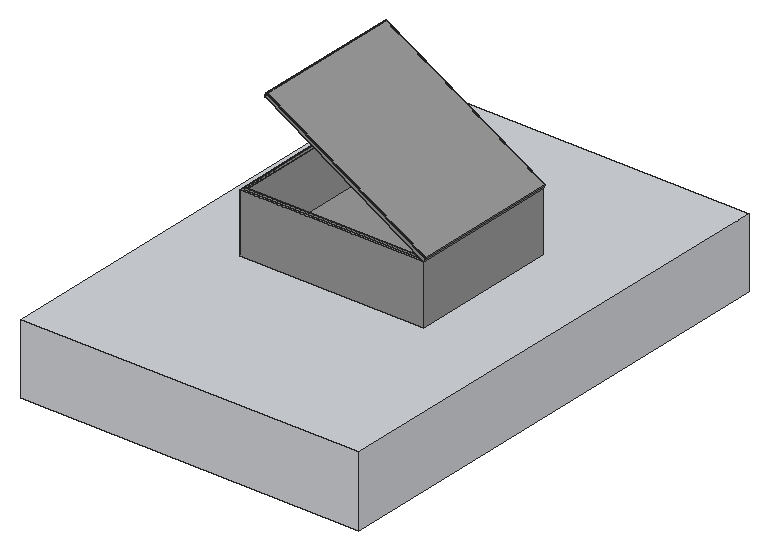
Revit family "Hager-Univers-IP55-D275-H650-Cl.II-Steel_encl-CH-fr", category Equipement électrique, Revit 2020
Family settings
  Hôte = Face
  Configuration du panneau = Deux colonnes, circuits au sein
  Cote de connecteur circulaire = Utiliser le diamètre
  Type d'élément = Tableau de raccordement
  Couper avec des vides une fois chargée = Non
  Partagée = Non
  Point de calcul de pièce = Non
Parameters (values of type "saillie IP55 L800 H650 P275  - FR43S")
  Width Control [instance] = if([EF000008 - largeur] > Min Width, [EF000008 - largeur], Min Width)  # 800 mm
  Commentaires du type = [HG000003 - Gamme]  # "Univers"
  Thickness Door [instance] = if([EF009171 - épaisseur de matériau de la porte/du couvercle] > 3 mm, 3 mm, [EF009171 - épaisseur de matériau de la porte/du couvercle])  # 1.5 mm
  Seal Frame Offset [instance] = 17 mm  # constant formula
  Plinth Visibility [instance] = [HG000027 - Hauteur du socle] > 0 mm  # no
  Model = ""
  Min Width [instance] = 100 mm  # constant formula
  Min Height [instance] = 100 mm  # constant formula
  Min Depth [instance] = (2 * [EF009170 - épaisseur de matériau du boîtier]) + 1 mm  # 4 mm
  Internal Frame Depth [instance] = (Door System Depth * 0.5)  # 9 mm
  Height Control [instance] = if([EF000040 - hauteur] > Min Height, [EF000040 - hauteur], Min Height)  # 650 mm
  HG000027 - Hauteur du socle = 0 mm
  HG000026 - Installation au sol = no
  HG000024 - Hauteur de la section basse = 800 mm
  HG000023 - Armoire double section = no
  HG000016 - Visibilité de la porte 3D [instance] = yes
  HG000015 - Visibilité de l'emprise de la porte [instance] = no
  HG000014 - Porte à droite [instance] = yes
  HG000013 - Porte à gauche [instance] = not([HG000014 - Porte à droite])  # no
  HG000012 - Angle de pivotement de la porte [instance] = 30.00°
  HG000010 - Portes asymétriques = no
  HG000009 - Porte à double battant = no
  HG000006 - Encastré = no
  HG000004 - Référence fabricant = "FR43S"
  HG000003 - Gamme = "Univers"
  HG000002 - avec porte = yes
  Frame Offset Bottom [instance] = 10 mm  # constant formula
  Frame Offset [instance] = 15 mm  # constant formula
  EF015940 - couvercle avec décharge de pression = no
  EF011959 - degré de protection (NEMA) = ""
  EF009554 - nombre d'ouvertures pour plaques à bride = 6
  Fabricant = "Hager"  # constant formula
  EF009212 - finition du couvercle = "EV000116 - fermé"
  EF009171 - épaisseur de matériau de la porte/du couvercle = 1.5 mm
  EF009170 - épaisseur de matériau du boîtier = 1.5 mm
  EF008873 - courant nominal (In) = 800 A
  EF007800 - adapté à un parafoudre = no
  EF006306 - avec serrure = no
  EF006244 - couvercle/porte transparent(e) = no
  EF005474 - indice de protection (IP) = "EV006420 - IP55"
  EF004464 - type de porte = "EV002646 - unique"
  EF004427 - nombre de modules = 144
  EF004293 - indice de protection contre les chocs (IK) = "EV008784 - IK10"
  EF003532 - convient pour utilisation à l’extérieur = no
  EF002950 - largeur en nombre de modules = 24
  EF001613 - maintien de fonction = "EV000494 - sans"
  EF001596 - matériau du boîtier/corps = "EV000179 - acier"
  EF001131 - profondeur intérieure = 275 mm
  EF001088 - possibilité de montage en saillie = yes
  EF000437 - nombre d'entrées de conduit = 6
  EF000339 - type de capot = "EV004216 - porte"
  EF000266 - nombre de rangées = 4
  EF000218 - profondeur d'encastrement = 0 mm
  EF000118 - avec cadre/support de montage = no
  EF000116 - numéro RAL = "7035"
  EF000049 - profondeur = 275 mm
  EF000040 - hauteur = 650 mm
  EF000008 - largeur = 800 mm
  EF000007 - couleur = "EV000270 - gris"
  EF000003 - mode de pose = "EV000384 - saillie"
  Door System Leaf Tolerance [instance] = 1.5 mm  # constant formula
  Door System Depth [instance] = 18 mm  # constant formula
  Door Height [instance] = Height Control - [HG000027 - Hauteur du socle]  # 650 mm
  Depth Control [instance] = if([EF000049 - profondeur] > Min Depth, [EF000049 - profondeur], Min Depth)  # 275 mm
  Default Elevation = 0 mm
  Connector Offset [instance] = Height Control / 2  # 325 mm
  Bottom Top Plate Trim [instance] = 1.5 mm  # constant formula
  Plinth height Ctrl [instance] = if([HG000027 - Hauteur du socle] > 0 mm, [HG000027 - Hauteur du socle], 12 mm)  # 12 mm
Types (5, lengths in mm): name | Width Control | HG000010 - Portes asymétriques | HG000009 - Porte à double battant | HG000004 - Référence fabricant | EF009554 - nombre d'ouvertures pour plaques à bride | EF004464 - type de porte | EF004427 - nombre de modules | EF000437 - nombre d'entrées de conduit | EF000008 - largeur
  saillie IP55 L1050 H650 P275  - FR44S | 1050 | no | yes | "FR44S" | 8 | "EV003602 - double" | 192 | 8 | 1050
  saillie IP55 L1300 H650 P275  - FR45S | 1300 | yes | yes | "FR45S" | 10 | "EV003602 - double" | 240 | 10 | 1300
  saillie IP55 L300 H650 P275  - FR41S | 300 | no | no | "FR41S" | 2 | "EV002646 - unique" | 48 | 2 | 300
  saillie IP55 L550 H650 P275  - FR42S | 550 | no | no | "FR42S" | 4 | "EV002646 - unique" | 96 | 4 | 550
  saillie IP55 L800 H650 P275  - FR43S | 800 | no | no | "FR43S" | 6 | "EV002646 - unique" | 144 | 6 | 800
Reference planes
  plane 1 "Center (Front/Back)": y = 0
  plane 2: z = 0
  plane 3 "Center (Left/Right)": x = 0
  plane 4: z = 275
  plane 5: y = 1.5
  plane 6: y = 325
  plane 7: y = 0
  plane 8: y = 650
  plane 9: z = 0
  plane 10: x = -385
  plane 11: x = 385
  plane 12: x = 383.5
  plane 13: x = -383.5
  plane 14: y = 648.5
  plane 15: x = -383
  plane 16: x = -400
  plane 17: x = 383
  plane 18: x = 400
  plane 19: x = 398.5
  plane 20: x = -398.5
  plane 21: y = 11.5
  plane 22: y = 650
  plane 23: y = 633.5
  plane 24: z = 257
  plane 25: z = 1.5
  plane 26: z = 255.5
  plane 27: z = 273.5
Forms (mm)
  Extrusion 1, solid
    sketch origin (0, 0, 0) x (1, 0, 0) y (0, 1, 0)
      loop
        line (-702.964, 1305) -> (-702.964, -811.445) -> (766.763, -811.445) -> (766.763, 1305) -> (-702.964, 1305)
    from 0 to -304.8
  Extrusion 2, solid, material "Hager_Steel_RAL7035_Light_Grey", visible <- "Plinth Visibility", detail levels medium+fine
    sketch origin (0, 0, 0) x (1, 0, 0) y (0, 1, 0)
      loop
        line (-400, 0) -> (400, 0) -> (400, 12) -> (-400, 12) -> (-400, 0)
    from 0 to 257
  Extrusion 3, solid, material "Hager_Steel_RAL7035_Light_Grey", detail levels medium+fine
    sketch origin (0, 0, 0) x (1, 0, 0) y (0, 1, 0)
      loop
        line (-400, 0) -> (400, 0) -> (400, 650) -> (-400, 650) -> (-400, 0)
    from 0 to 257
  Extrusion 4, void
    sketch origin (0, 0, 0) x (1, 0, 0) y (0, 1, 0)
      loop
        line (-398.5, 1.5) -> (398.5, 1.5) -> (398.5, 648.5) -> (-398.5, 648.5) -> (-398.5, 1.5)
    from 1.5 to 255.5
  Extrusion 5, void
    sketch origin (-381.607, -4572, 257) x (0, -1, 0) y (-1, 0, 0)
      loop
        line (-4583.5, 1.893) -> (-5205.5, 1.893) -> (-5205.5, -765.107) -> (-4583.5, -765.107) -> (-4583.5, 1.893)
    from 0 to 1.5 <- "EF009170 - épaisseur de matériau du boîtier"
  Extrusion 6, solid, material "Hager_Steel_RAL7035_Light_Grey", detail levels fine
    sketch origin (0, 0, 257) x (1, 0, 0) y (0, 1, 0)
      loop
        line (-383.5, 633.5) -> (-383.5, 11.5) -> (383.5, 11.5) -> (383.5, 633.5) -> (-383.5, 633.5)
      loop
        line (-385, 10) -> (385, 10) -> (385, 635) -> (-385, 635) -> (-385, 10)
    from 0 to 9 <- "Internal Frame Depth"
  Extrusion 7, solid, material "Hager_Steel_RAL7035_Light_Grey", detail levels coarse
    sketch origin (0, 0, 0) x (1, 0, 0) y (0, 1, 0)
      loop
        line (-400, 0) -> (400, 0) -> (400, 650) -> (-400, 650) -> (-400, 0)
    from 0 to 275
  Sweep 8, void
    path in 3D
      loop
        line (-400, 12, 0) -> (400, 12, 0) -> (400, 12, 257) -> (-400, 12, 257) -> (-400, 12, 0)
    profile origin (-400, 12, 128.5) x (-1, 0, 0) y (0, -1, 0)
      loop
        line (0, 0) -> (0, 1.5) -> (-1.5, 1.5)
        arc (-1.5, 1.5) -> (-1.061, 0.439) -> (0, 0) r 1.5
Cuts and joins
  Extrusion 4, Extrusion 5 cuts Extrusion 3
  Sweep 8 cuts Extrusion 2
Lines and regions (mm)
  Masking region 1
    outline origin (0, 0, 0) x (1, 0, 0) y (0, 0, 1)
      loop
        line (-400, 275) -> (-400, 0) -> (400, 0) -> (400, 275) -> (-400, 275)
  Masking region 2, detail levels medium+fine
    outline origin (0, 140, 0) x (0, 1, 0) y (0, 0, 1)
      loop
        line (-140, 0) -> (510, 0) -> (510, 257) -> (-140, 257) -> (-140, 0)
  Masking region 3, not visible, detail levels medium+fine
    outline origin (0, 297.922, 0) x (0, 1, 0) y (0, 0, 1)
      loop
        line (38.578, 0) -> (78.578, 0) -> (78.578, 263.5)
        arc (78.578, 263.5) -> (75.649, 270.571) -> (68.578, 273.5) r 10
        line (68.578, 273.5) -> (38.578, 273.5) -> (38.578, 0)
  Masking region 4, detail levels coarse
    outline origin (0, 0, 180) x (0, 1, 0) y (0, 0, 1)
      loop
        line (0, -180) -> (650, -180) -> (650, 95) -> (0, 95) -> (0, -180)
  Masking region 5, visible <- "Plinth Visibility", detail levels medium+fine
    outline origin (0, 52.24, 12.345) x (0, 0, -1) y (0, 1, 0)
      loop
        line (10.845, -40.24) -> (-243.155, -40.24)
        arc (-243.155, -40.24) -> (-243.594, -41.301) -> (-244.655, -41.74) r 1.5
        line (-244.655, -41.74) -> (-244.655, -52.24) -> (12.345, -52.24) -> (12.345, -41.74)
        arc (12.345, -41.74) -> (11.285, -41.301) -> (10.845, -40.24) r 1.5
  Masking region 6, detail levels medium+fine
    outline origin (-381.607, -4572, 257) x (-1, 0, 0) y (0, -1, 0)
      loop
        line (18.393, -5222) -> (18.393, -4572) -> (-781.607, -4572) -> (-781.607, -5222) -> (18.393, -5222)
  Masking region 7, visible <- "Plinth Visibility", detail levels medium+fine
    outline origin (-381.607, -4727, 257) x (-1, 0, 0) y (0, -1, 0)
      loop
        arc (16.893, -4739) -> (17.332, -4737.939) -> (18.393, -4737.5) r 1.5
        line (18.393, -4737.5) -> (18.393, -4727) -> (-781.607, -4727) -> (-781.607, -4737.5)
        arc (-781.607, -4737.5) -> (-780.546, -4737.939) -> (-780.107, -4739) r 1.5
        line (-780.107, -4739) -> (16.893, -4739)
  Masking region 8, detail levels coarse
    outline origin (-442.548, -4669.526, 257) x (-1, 0, 0) y (0, -1, 0)
      loop
        line (-42.548, -5319.526) -> (-42.548, -4669.526) -> (-842.548, -4669.526) -> (-842.548, -5319.526) -> (-42.548, -5319.526)
  sketch lines
    curve 1: line (-400, 12, 257) -> (-400, 12, 0)
    curve 2: line (400, 12, 257) -> (-400, 12, 257)
    curve 3: line (400, 12, 257) -> (400, 12, 0)
    curve 4: line (-400, 12, 0) -> (400, 12, 0)
Dimensions and locks
  "Depth Control": plane 4 to Extrusion 1
  "HG000027 - Hauteur du socle": plane 1 "Center (Front/Back)" to plane 7
  "EF009170 - épaisseur de matériau du boîtier": plane 5 to plane 7
  locked: connector elem to plane 3 "Center (Left/Right)"
  equal spacing: plane 8, plane 6, plane 7
  locked: connector elem to plane 6
  "EF009170 - épaisseur de matériau du boîtier": plane 8 to plane 14
  "EF009170 - épaisseur de matériau du boîtier": plane 10 to plane 13
  "EF009170 - épaisseur de matériau du boîtier": plane 12 to plane 11
  "Frame Offset": plane 20 to plane 13
  "Frame Offset": plane 12 to plane 19
  "EF009170 - épaisseur de matériau du boîtier": plane 16 to plane 20
  "EF009170 - épaisseur de matériau du boîtier": plane 19 to plane 18
  "Seal Frame Offset": plane 16 to plane 15
  "Seal Frame Offset": plane 17 to plane 18
  "Frame Offset Bottom": plane 21 to plane 5
  "Frame Offset": plane 14 to plane 23
  equal spacing: plane 16, plane 3 "Center (Left/Right)", plane 18
  "Width Control": plane 16 to plane 18
  "EF009170 - épaisseur de matériau du boîtier": plane 4 to plane 27
  "EF009170 - épaisseur de matériau du boîtier": plane 24 to plane 26
  "EF009170 - épaisseur de matériau du boîtier": plane 25 to level
  "Door System Depth": plane 4 to plane 24
  "Height Control": plane 1 "Center (Front/Back)" to Extrusion 7 sketch curve
  "Height Control": Masking region 4 sketch curve to plane 1 "Center (Front/Back)"
  "Height Control": plane 1 "Center (Front/Back)" to plane 22
  "Bottom Top Plate Trim": profile plane to Sweep 8 sketch curve
  "Bottom Top Plate Trim": Sweep 8 sketch curve to profile plane
  "Plinth height Ctrl": plane 1 "Center (Front/Back)" to Extrusion 2 sketch curve
  "Plinth height Ctrl": Masking region 5 sketch curve to plane 1 "Center (Front/Back)"
  "Plinth height Ctrl": plane 1 "Center (Front/Back)" to Masking region 7 sketch curve
  "Thickness Door": Extrusion 6 sketch curve to Extrusion 6 sketch curve  (x3)
  "Thickness Door": cut or joined group of Extrusion 3, Extrusion 4, Extrusion 5 to Extrusion 6 sketch curve
  radius of Masking region 3 sketch curve = 10 mm
  "Bottom Top Plate Trim": radius of Masking region 5 sketch curve  (x2)
  "Bottom Top Plate Trim": radius of Sweep 8 sketch curve
  "Bottom Top Plate Trim": radius of Masking region 7 sketch curve  (x2)
  aligned and locked: plane 2 to Extrusion 1
  aligned and locked: level to Extrusion 1
  aligned and locked: level to Masking region 1 sketch curve
  aligned and locked: Masking region 1 sketch curve to plane 18
  aligned and locked: Masking region 1 sketch curve to plane 16
  aligned and locked: plane 7 to Masking region 2 sketch curve
  aligned and locked: level to Masking region 3 sketch curve
  aligned and locked: Masking region 3 sketch curve to plane 27
  aligned and locked: level to Masking region 2 sketch curve
  aligned and locked: plane 1 "Center (Front/Back)" to Extrusion 2 sketch curve
  aligned and locked: Extrusion 3 sketch curve to plane 7
  aligned and locked: plane 16 to Extrusion 3 sketch curve
  aligned and locked: plane 18 to Extrusion 3 sketch curve
  aligned and locked: plane 20 to Extrusion 4 sketch curve
  aligned and locked: plane 19 to Extrusion 4 sketch curve
  aligned and locked: Extrusion 4 sketch curve to plane 5
  aligned and locked: Extrusion 4 to plane 25
  aligned and locked: plane 26 to Extrusion 4
  aligned and locked: plane 24 to Extrusion 3
  aligned and locked: Extrusion 5 sketch curve to plane 21
  aligned and locked: Extrusion 5 sketch curve to plane 13
  aligned and locked: Extrusion 5 sketch curve to plane 12
  aligned and locked: plane 18 to Extrusion 7 sketch curve
  aligned and locked: plane 1 "Center (Front/Back)" to Extrusion 7 sketch curve
  aligned and locked: plane 16 to Extrusion 7 sketch curve
  aligned and locked: plane 4 to Extrusion 7
  aligned and locked: Extrusion 7 to level
  aligned and locked: level to Masking region 4 sketch curve
  aligned and locked: Masking region 4 sketch curve to plane 1 "Center (Front/Back)"
  aligned and locked: Masking region 4 sketch curve to plane 4
  aligned and locked: nested 1 to level
  aligned and locked: nested 1 to plane 16
  aligned and locked: plane 8 to Extrusion 3 sketch curve
  aligned and locked: plane 23 to Extrusion 5 sketch curve
  aligned and locked: plane 14 to Extrusion 4 sketch curve
  aligned and locked: Masking region 2 sketch curve to plane 8
  aligned and locked: level to Masking region 5 sketch curve
  aligned and locked: plane 16 to Extrusion 2 sketch curve
  aligned and locked: plane 18 to Extrusion 2 sketch curve
  aligned and locked: Masking region 5 sketch curve to plane 24
  aligned and locked: Masking region 2 sketch curve to plane 24
  aligned and locked: plane 24 to Extrusion 2
  aligned and locked: profile plane to Sweep 8 sketch curve  (x2)
  aligned and locked: Masking region 6 sketch curve to plane 18
  aligned and locked: Masking region 6 sketch curve to plane 22
  aligned and locked: Masking region 6 sketch curve to plane 16
  aligned and locked: plane 8 to plane 22
  aligned and locked: Masking region 6 sketch curve to plane 7
  aligned and locked: Masking region 7 sketch curve to plane 16
  aligned and locked: Masking region 7 sketch curve to plane 1 "Center (Front/Back)"
  aligned and locked: Masking region 7 sketch curve to plane 18
  aligned and locked: Masking region 8 sketch curve to plane 1 "Center (Front/Back)"
  aligned and locked: Masking region 8 sketch curve to plane 18
  aligned and locked: Masking region 8 sketch curve to plane 22
  aligned and locked: Masking region 8 sketch curve to plane 16
  aligned and locked: nested 2 to plane 7
  aligned and locked: plane 3 "Center (Left/Right)" to nested 2
  aligned and locked: nested 2 to plane 24
  aligned and locked: Extrusion 6 sketch curve to cut or joined group of Extrusion 3, Extrusion 4, Extrusion 5  (x4)
Automatic sketch dimensions
  Extrusion 1 sketch curve to Extrusion 1 sketch curve = 1469.727 mm
  Extrusion 1 sketch curve to Extrusion 1 sketch curve = 2116.445 mm
  Masking region 1 sketch curve to plane 4 = 0 mm
  plane 6 to Masking region 3 sketch curve = 11.5 mm
  Masking region 3 sketch curve to Masking region 3 sketch curve = 30 mm
  Masking region 5 sketch curve to plane 1 "Center (Front/Back)" = 0 mm
Nested families
  nested 1: "Hager_Enclosure_Symbol" at (-400, 0, 0) x (1, 0, 0) z (0, -1, 0), Height <- "Depth Control", Width <- "Width Control", type "Hager_Enclosure_Symbol"
    with Width_Ctrl 800 mm, Width 800 mm, Height_Ctrl 275 mm, Height 275 mm, A_Width_Int 18.047 mm, A_Width 216.562 mm, A_Height_Ctrl 240.625 mm, A_Height 240.625 mm
  nested 2: "EC000058_Univers_Door" at (0, 0, 257) x (1, 0, 0) z (0, 1, 0), Leaf_Tolerance <- "Door System Leaf Tolerance", Angle <- "HG000012 - Angle de pivotement de la porte", Door_Depth <- "Door System Depth", Door_Left <- "HG000013 - Porte à gauche", Transparent <- "EF006244 - couvercle/porte transparent(e)", Assymetrical <- "HG000010 - Portes asymétriques", Width <- "Width Control", Clearance <- "HG000015 - Visibilité de l'emprise de la porte", Double <- "HG000009 - Porte à double battant", 3d_Door <- "HG000016 - Visibilité de la porte 3D", Lock_Visibility <- "EF006306 - avec serrure", Width_Ctrl <- "Width Control", Door_Right <- "HG000014 - Porte à droite", Door <- "HG000002 - avec porte", Height <- "Door Height", Thickness <- "Thickness Door", type "EC000058_Univers_Door", detail levels medium+fine
    with min_wh 4 mm, Width_Ctrl 800 mm, Width 800 mm, Transparent no, Thickness 1.5 mm, Seal_Material Hager_Rubber, Lock_Visibility no, Lock_Material Hager_Plastic_RAL9005_Jet_Black, Leaf_Width 800 mm, Leaf_Tolerance_External_Sides 0 mm, Leaf_Tolerance 1.5 mm, Leaf_Offset 0 mm, Leaf_Height 647 mm, Leaf_2_Width 800 mm, Leaf_2_Offset 400 mm, Leaf_1_Width 800 mm, Leaf_1_Offset 400 mm, Height_Ctrl 650 mm, Height 650 mm, Glass_Material Hager_Glass, Double_Clearance_Ctrl no, Double no, Door_Right_Ctrl yes, Door_Right yes, Door_Material Hager_Steel_RAL7035_Light_Grey, Door_Left_Ctrl no, Door_Left no, Door_Depth 18 mm, Door yes, Clearance_Material Hager_Clearance, Clearance_Depth 800 mm, Clearance_Ctrl no, Clearance no, Assymetrical no, Angle 30.00°, 3d_Door yes
Connectors
  electrical at (0, 325, 0)
    settings: on plane 9, index 1, voltage 0 V, apparent load 0 VA, apparent load phase1 0 VA, apparent load phase2 0 VA, apparent load phase3 0 VA, power factor 1, load classification "Other", number of poles 1, system type 30, power factor state 1, is connector primary yes, connector utility no, sub classification motor no, connector description ""
Definition of nested family "EC000058_Univers_Door"
  Parameters (values of type "EC000058_Univers_Door")
    min_wh [instance] = (2 * Thickness) + 1 mm  # 11 mm
    Width_Ctrl [instance] = 400 mm
    Width [instance] = 500 mm
    Transparent [instance] = yes
    Thickness [instance] = 5 mm
    Seal_Material [instance] = none
    Lock_Visibility [instance] = yes
    Lock_Material [instance] = none
    Leaf_Width [instance] = if((Width_Ctrl - 2 * Leaf_Tolerance_External_Sides) > 0 mm, (Width_Ctrl - 2 * Leaf_Tolerance_External_Sides), min_wh)  # 400 mm
    Leaf_Tolerance_External_Sides [instance] = 0 mm  # constant formula
    Leaf_Tolerance [instance] = 1.5 mm
    Leaf_Offset [instance] = 0 mm  # constant formula
    Leaf_Height [instance] = if((Height_Ctrl - 2 * Leaf_Tolerance) > 0 mm, (Height_Ctrl - 2 * Leaf_Tolerance), min_wh)  # 497 mm
    Leaf_2_Width [instance] = if(and(and(Double, Assymetrical), Door_Left), (Leaf_Width / 3) - (Leaf_Tolerance / 2), if(and(and(Double, Assymetrical), Door_Right), (Leaf_Width / 3) * 2 - (Leaf_Tolerance / 2), if(and(Double, not(Assymetrical)), (Leaf_Width / 2) - Leaf_Tolerance, Leaf_Width)))  # 400 mm
    Leaf_2_Offset [instance] = if(and(Double, Assymetrical), Leaf_2_Width / 2, if(and(Double, not(Assymetrical)), Leaf_Width / 4, Leaf_Width / 2))  # 200 mm
    Leaf_1_Width [instance] = if(and(and(Double, Assymetrical), Door_Right), (Leaf_Width / 3) - (Leaf_Tolerance / 2), if(and(and(Double, Assymetrical), Door_Left), (Width / 3) * 2 - (Leaf_Tolerance / 2), if(and(Double, not(Assymetrical)), (Leaf_Width / 2) - Leaf_Tolerance, Leaf_Width)))  # 400 mm
    Leaf_1_Offset [instance] = if(and(Double, Assymetrical), Leaf_1_Width / 2, if(and(Double, not(Assymetrical)), Leaf_Width / 4, Leaf_Width / 2))  # 200 mm
    Height_Ctrl [instance] = if(Height > min_wh, Height, min_wh)  # 500 mm
    Height [instance] = 500 mm
    Glass_Material [instance] = none
    Double_Clearance_Ctrl [instance] = and(Double, Clearance)  # no
    Double [instance] = no
    Door_Right_Ctrl [instance] = and(or(Door_Right, Double), Door)  # yes
    Door_Right [instance] = yes
    Door_Material [instance] = none
    Door_Left_Ctrl [instance] = and(or(Door_Left, Double), Door)  # no
    Door_Left [instance] = no
    Door_Depth [instance] = 30 mm
    Door [instance] = yes
    Default Elevation = 1219.2 mm
    Clearance_Material [instance] = none
    Clearance_Depth [instance] = if(Leaf_1_Width > Leaf_2_Width, Leaf_1_Width, Leaf_2_Width)  # 400 mm
    Clearance_Ctrl [instance] = and(not(Double), Clearance)  # yes
    Clearance [instance] = yes
    Assymetrical [instance] = yes
    Angle [instance] = 30.00°
    3d_Door [instance] = yes
  Reference planes
    plane 1 "Center (Front/Back)": y = 0
    plane 2 "Bottom": z = 0
    plane 3 "Center (Left/Right)": x = 0
    plane 4: z = 500
    plane 5: x = -200
    plane 6: x = 200
    plane 7: z = 500
    plane 8: x = -200
    plane 9: z = 0
    plane 10: x = 200
    plane 11: y = 0
    plane 12: z = 1.5
    plane 13: x = -600
    plane 14: y = -400
    plane 15: x = 600
    plane 16: x = 0
    plane 17: x = 0
    plane 18: x = -200
    plane 19: x = 200
    plane 20: z = 498.5
  Forms (mm)
    Extrusion 1, solid, material <- "Clearance_Material", visible <- "Double_Clearance_Ctrl"
      sketch origin (1200, 0, 0) x (1, 0, 0) y (0, 0, -1)
        loop
          line (-1800, -498.5) -> (-600, -498.5) -> (-600, 0) -> (-1800, 0) -> (-1800, -498.5)
      from 0 to -400
  Dimensions and locks
    equal spacing: plane 5, plane 3 "Center (Left/Right)", plane 6
    "Width_Ctrl": plane 5 to plane 6
    "Leaf_Offset": plane 5 to plane 8
    "Leaf_Offset": plane 6 to plane 10
    "Leaf_Offset": plane 9 to level
    "Leaf_Offset": plane 4 to plane 7
    "Height_Ctrl": plane 4 to level
    "Leaf_Tolerance": plane 12 to plane 9
    locked: plane 11 to plane 1 "Center (Front/Back)"
    "Leaf_1_Offset": plane 18 to plane 16
    "Leaf_2_Offset": plane 17 to plane 19
    "Leaf_1_Width": plane 13 to plane 8
    "Leaf_2_Width": plane 10 to plane 15
    "Clearance_Depth": plane 14 to plane 1 "Center (Front/Back)"
    "Leaf_Tolerance_External_Sides": plane 8 to plane 18
    "Leaf_Tolerance_External_Sides": plane 19 to plane 10
    "Leaf_Tolerance": plane 7 to plane 20
    aligned and locked: level to plane 2 "Bottom"
    aligned and locked: nested 1 to plane 16
    aligned and locked: nested 2 to plane 17
    aligned and locked: Extrusion 1 to plane 13
    aligned and locked: plane 15 to Extrusion 1
    aligned and locked: Extrusion 1 to plane 14
    aligned and locked: plane 12 to nested 1
    aligned and locked: nested 2 to plane 12
    aligned and locked: Extrusion 1 to plane 11
    aligned and locked: plane 20 to Extrusion 1
    aligned and locked: nested 2 to plane 11
    aligned and locked: nested 1 to plane 11
  Automatic sketch dimensions
    Extrusion 1 sketch curve to level = 0 mm
    plane 5 to Extrusion 1 sketch curve = 400 mm
    plane 6 to Extrusion 1 sketch curve = 400 mm
    Extrusion 1 sketch curve to plane 4 = 1.5 mm
  Nested families
    nested 1: "EC000058_Univers_Door_Leaf" at (0, 0, 1.5), Width <- "Leaf_1_Width", visible <- "Door_Left_Ctrl", Leaf_Height <- "Leaf_Height", Angle <- "Angle", 3d_Door <- "3d_Door", Transparent <- "Transparent", Clearance Material <- "Clearance_Material", Clearance <- "Clearance_Ctrl", Door_Material <- "Door_Material", Glass_Material <- "Glass_Material", Door_Depth <- "Door_Depth", Lock_Material <- "Lock_Material", Seal_Material <- "Seal_Material", Lock_Visibility <- "Lock_Visibility", Thickness <- "Thickness", type "EC000058_Univers_Door_Leaf"
      with Width 400 mm, Transparent_Glass_Offset 30 mm, Transparent_Ctrl yes, Transparent yes, Thickness 5 mm, Standard no, Seal_Material none, Seal_D2 8 mm, Seal_D1 1 mm, Offset_Internal_Frame 10 mm, Lock_Width 20 mm, Lock_Visibility_3d yes, Lock_Visibility yes, Lock_Thickness_3 3 mm, Lock_Thickness_2 1 mm, Lock_Thickness_1 3 mm, Lock_Radius_Offset_2 16 mm, Lock_Radius_Offset_1 15 mm, Lock_Radius_2 5 mm, Lock_Radius 6 mm, Lock_Offset 5 mm, Lock_Material none, Lock_Height 80 mm, Lock_Cover_Top_Offset_2d 17 mm, Lock_Cover_Height -65 mm, Leaf_Height 497 mm, Internal_Seal_Thickness 8 mm, Internal_Seal_Depth_2 4.5 mm, Internal_Frame_Depth 25 mm, Glass_Thickness -1 mm, Glass_Offset -2 mm, Glass_Material none, Door_Material none, Door_Depth 30 mm, Clearance Material none, Clearance yes, Angle_Ctrl 30.00°, Angle 30.00°, 3d_Door yes
    nested 2: "EC000058_Univers_Door_Leaf" at (0, 0, 1.5) x (-1, 0, 0) z (0, 0, 1), Width <- "Leaf_2_Width", visible <- "Door_Right_Ctrl", Leaf_Height <- "Leaf_Height", Angle <- "Angle", 3d_Door <- "3d_Door", Transparent <- "Transparent", Clearance Material <- "Clearance_Material", Clearance <- "Clearance_Ctrl", Door_Material <- "Door_Material", Glass_Material <- "Glass_Material", Door_Depth <- "Door_Depth", Lock_Material <- "Lock_Material", Seal_Material <- "Seal_Material", Lock_Visibility <- "Lock_Visibility", Thickness <- "Thickness", type "EC000058_Univers_Door_Leaf"
      with Width 400 mm, Transparent_Glass_Offset 30 mm, Transparent_Ctrl yes, Transparent yes, Thickness 5 mm, Standard no, Seal_Material none, Seal_D2 8 mm, Seal_D1 1 mm, Offset_Internal_Frame 10 mm, Lock_Width 20 mm, Lock_Visibility_3d yes, Lock_Visibility yes, Lock_Thickness_3 3 mm, Lock_Thickness_2 1 mm, Lock_Thickness_1 3 mm, Lock_Radius_Offset_2 16 mm, Lock_Radius_Offset_1 15 mm, Lock_Radius_2 5 mm, Lock_Radius 6 mm, Lock_Offset 5 mm, Lock_Material none, Lock_Height 80 mm, Lock_Cover_Top_Offset_2d 17 mm, Lock_Cover_Height -65 mm, Leaf_Height 497 mm, Internal_Seal_Thickness 8 mm, Internal_Seal_Depth_2 4.5 mm, Internal_Frame_Depth 25 mm, Glass_Thickness -1 mm, Glass_Offset -2 mm, Glass_Material none, Door_Material none, Door_Depth 30 mm, Clearance Material none, Clearance yes, Angle_Ctrl 30.00°, Angle 30.00°, 3d_Door yes
  Definition of nested family "EC000058_Univers_Door_Leaf"
    Parameters (values of type "EC000058_Univers_Door_Leaf")
      Width [instance] = 2000 mm
      Transparent_Glass_Offset [instance] = 30 mm
      Transparent_Ctrl [instance] = and(Transparent, [3d_Door])  # yes
      Transparent [instance] = yes
      Thickness [instance] = 5 mm
      Standard [instance] = and(not(Transparent), [3d_Door])  # no
      Seal_Material [instance] = none
      Seal_D2 [instance] = 8 mm  # constant formula
      Seal_D1 [instance] = 1 mm  # constant formula
      Offset_Internal_Frame [instance] = 10 mm  # constant formula
      Lock_Width [instance] = 20 mm  # constant formula
      Lock_Visibility_3d [instance] = and(Lock_Visibility, [3d_Door])  # yes
      Lock_Visibility [instance] = yes
      Lock_Thickness_3 [instance] = 3 mm  # constant formula
      Lock_Thickness_2 [instance] = 1 mm  # constant formula
      Lock_Thickness_1 [instance] = 3 mm  # constant formula
      Lock_Radius_Offset_2 [instance] = Lock_Radius_Offset_1 + 1 mm  # 16 mm
      Lock_Radius_Offset_1 [instance] = 15 mm  # constant formula
      Lock_Radius_2 [instance] = Lock_Radius - 1 mm  # 5 mm
      Lock_Radius [instance] = 6 mm  # constant formula
      Lock_Offset [instance] = 5 mm  # constant formula
      Lock_Material [instance] = none
      Lock_Height [instance] = 80 mm  # constant formula
      Lock_Cover_Top_Offset_2d [instance] = Lock_Radius_Offset_2 + 1 mm  # 17 mm
      Lock_Cover_Height [instance] = -(Lock_Height - Lock_Radius_Offset_1)  # -65 mm
      Leaf_Height [instance] = 2720.336 mm
      Internal_Seal_Thickness [instance] = 8 mm  # constant formula
      Internal_Seal_Depth_2 [instance] = 4.5 mm  # constant formula
      Internal_Frame_Depth [instance] = if(Door_Depth - Thickness > 5 mm, Door_Depth - Thickness, 5 mm)  # 25 mm
      Glass_Thickness [instance] = if(Thickness > 15 mm, Glass_Offset + 10 mm, -1 mm)  # -1 mm
      Glass_Offset [instance] = if(Thickness > 15 mm, -(Thickness + 10 mm) / 2, -2 mm)  # -2 mm
      Glass_Material [instance] = none
      Door_Material [instance] = none
      Door_Depth [instance] = 30 mm
      Default Elevation = 0 mm
      Clearance Material [instance] = none
      Clearance [instance] = yes
      Angle_Ctrl [instance] = if(Angle > 180.00°, 180.00°, Angle)  # 90.00°
      Angle [instance] = 90.00°
      3d_Door [instance] = yes
    Reference planes
      plane 1 "Center (Front/Back)": y = 0
      plane 2: z = 0
      plane 3 "Center (Left/Right)": x = 0
      plane 4: y = 2000
      plane 5: x = -1000
      plane 6: x = 1000
      plane 7: x = -3000
      plane 8: z = 2720.336
      plane 9: z = 30
      plane 10: z = 2690.336
      plane 11: x = 970
      plane 12: x = -970
      plane 13: y = -3
      plane 14: z = 107.833
      plane 15: y = -5
      plane 16: y = -223.314
      plane 17: x = -1000
      plane 18: z = 1360.168
      plane 19: y = 30
    Forms (mm)
      Extrusion 1, solid, material <- "Clearance Material", visible <- "Clearance"
        sketch origin (0, 0, 0) x (1, 0, 0) y (0, 0, 1)
          loop
            line (-3000, 2720.336) -> (-3000, 0) -> (1000, 0) -> (1000, 2720.336) -> (-3000, 2720.336)
        from 0 to -2000
      Extrusion 2, solid, material <- "Door_Material", visible <- "Standard", detail levels medium+fine
        sketch origin (-1000, 0, 0) x (0, 1, 0) y (-1, 0, 0)
          loop
            line (0, 30) -> (0, 25) -> (2000, 25) -> (2000, 30) -> (0, 30)
        from 0 to 2720.336 <- "Leaf_Height"
      Extrusion 3, solid, material <- "Door_Material", visible <- "Transparent_Ctrl", detail levels medium+fine
        sketch origin (-1000, 0, 0) x (0, 1, 0) y (-1, 0, 0)
          loop
            line (0, 25) -> (2000, 25) -> (2000, 30) -> (0, 30) -> (0, 25)
        from 0 to 2720.336 <- "Leaf_Height"
      Extrusion 4, void
        sketch origin (-1025, 2000, 0) x (0, 1, 0) y (0, 0, -1)
          loop
            line (-30, -2690.336) -> (-30, -30) -> (-1970, -30) -> (-1970, -2690.336) -> (-30, -2690.336)
        from 0 to 5 <- "Thickness"
      Sweep 5, solid, material <- "Seal_Material", visible <- "Transparent_Ctrl", detail levels fine
        path in 3D
          loop
            line (-1025, 30, 30) -> (-1025, 30, 2690.336) -> (-1025, 1970, 2690.336) -> (-1025, 1970, 30) -> (-1025, 30, 30)
        profile origin (-1025, 1000, 30) x (1, 0, 0) y (0, 0, 1)
          loop
            line (0, 0) -> (0, -8) -> (1, -8) -> (1, 0) -> (0, 0)
      Extrusion 6, solid, material <- "Glass_Material", visible <- "Transparent_Ctrl", detail levels medium+fine
        sketch origin (-1030, 0, 0) x (0, 1, 0) y (0, 0, -1)
          loop
            line (1970, -2690.336) -> (1970, -30) -> (30, -30) -> (30, -2690.336) -> (1970, -2690.336)
        from -2 <- "Glass_Offset" to -1 <- "Glass_Thickness"
      Extrusion 7, solid, material <- "Door_Material", visible <- "3d_Door", detail levels medium+fine
        sketch origin (-1025, 2000, 0) x (0, -1, 0) y (0, 0, -1)
          loop
            line (0, -2720.336) -> (2000, -2720.336) -> (2000, 0) -> (0, 0) -> (0, -2720.336)
          loop
            line (1995, -5) -> (5, -5) -> (5, -2715.336) -> (1995, -2715.336) -> (1995, -5)
        from 0 to 25 <- "Internal_Frame_Depth"
      Sweep 8, solid, material <- "Seal_Material", visible <- "Transparent_Ctrl", detail levels fine
        path in 3D
          loop
            line (-1025, 0, 0) -> (-1025, 2000, 0) -> (-1025, 2000, 2720.336) -> (-1025, 0, 2720.336) -> (-1025, 0, 0)
        profile origin (-1025, 0, 1360.168) x (1, 0, 0) y (0, 1, 0)
          loop
            line (0, 10) -> (2.975, 10)
            arc (2.975, 10) -> (4.053, 10.447) -> (4.5, 11.525) r 1.525
            line (4.5, 11.525) -> (4.5, 16.527)
            arc (4.5, 16.527) -> (4.069, 17.569) -> (3.027, 18) r 1.473
            line (3.027, 18) -> (0, 18) -> (0, 10)
      Extrusion 9, solid, material <- "Lock_Material", visible <- "Lock_Visibility_3d", detail levels fine
        sketch origin (-1030, 0, 0) x (0, 1, 0) y (0, 0, -1)
          loop
            arc (1993.5, -1400.168) -> (1994.561, -1399.729) -> (1995, -1398.668) r 1.5
            line (1995, -1398.668) -> (1995, -1320.168) -> (1975, -1320.168) -> (1975, -1398.668)
            arc (1975, -1398.668) -> (1975.439, -1399.729) -> (1976.5, -1400.168) r 1.5
            line (1976.5, -1400.168) -> (1993.5, -1400.168)
        from 3 <- "Lock_Thickness_1" to 0
      Blend 10, solid, material <- "Lock_Material", visible <- "Lock_Visibility_3d", detail levels fine
        base sketch origin (-1033, 0, 0) x (0, 1, 0) y (0, 0, -1)
          loop
            line (1975, -1320.168) -> (1975, -1398.668)
            arc (1975, -1398.668) -> (1975.439, -1399.729) -> (1976.5, -1400.168) r 1.5
            line (1976.5, -1400.168) -> (1993.5, -1400.168)
            arc (1993.5, -1400.168) -> (1994.561, -1399.729) -> (1995, -1398.668) r 1.5
            line (1995, -1398.668) -> (1995, -1320.168) -> (1975, -1320.168)
        top sketch origin (-1033, 0, 0) x (0, 1, 0) y (0, 0, -1)
          loop
            line (1976, -1320.168) -> (1976, -1398.668)
            arc (1976, -1398.668) -> (1976.146, -1399.022) -> (1976.5, -1399.168) r 0.5
            line (1976.5, -1399.168) -> (1993.5, -1399.168)
            arc (1993.5, -1399.168) -> (1993.854, -1399.022) -> (1994, -1398.668) r 0.5
            line (1994, -1398.668) -> (1994, -1320.168) -> (1976, -1320.168)
        from 0 to 1 <- "Lock_Thickness_2"
      Blend 11, solid, material <- "Lock_Material", visible <- "Lock_Visibility_3d", detail levels fine
        base sketch origin (-1034, 0, 0) x (0, 1, 0) y (0, 0, -1)
          loop
            line (1978, -1320.168) -> (1978, -1384.168)
            arc (1978, -1384.168) -> (1985, -1391.168) -> (1992, -1384.168) r 7
            line (1992, -1384.168) -> (1992, -1320.168) -> (1978, -1320.168)
        top sketch origin (-1034, 0, 0) x (0, 1, 0) y (0, 0, -1)
          loop
            line (1991, -1320.168) -> (1979, -1320.168) -> (1979, -1383.168)
            arc (1979, -1383.168) -> (1985, -1389.168) -> (1991, -1383.168) r 6
            line (1991, -1383.168) -> (1991, -1320.168)
        from 0 to 3 <- "Lock_Thickness_3"
      Extrusion 12, solid, material <- "Lock_Material", visible <- "Lock_Visibility_3d", detail levels fine
        sketch origin (-1030, 1975, 1320.168) x (1, 0, 0) y (0, -1, 0)
          loop
            line (-7, -19) -> (-7, -1) -> (0, -1) -> (0, 0) -> (-8, 0) -> (-8, -20) -> (0, -20) -> (0, -19) -> (-7, -19)
        from 0 to -65 <- "Lock_Cover_Height"
      Extrusion 13, void
        sketch origin (-1038, 1995, 1320.168) x (-1, 0, 0) y (0, 0, -1)
          loop
            line (-5, -65) -> (0, -65) -> (-5, -60) -> (-5, -65)
        from 0 to 20 <- "Lock_Width"
      Extrusion 14, void
        sketch origin (-1038, 1975, 1320.168) x (0, -1, 0) y (0, 0, -1)
          loop
            circle (-10, -15.995) r 6
          loop
            circle (-10, -15.995) r 5
        from 0 to 2
      Extrusion 15, solid, material <- "Lock_Material", visible <- "Lock_Visibility_3d", detail levels medium
        sketch origin (-1030, 0, 0) x (0, 1, 0) y (0, 0, -1)
          loop
            arc (1993.5, -1400.168) -> (1994.561, -1399.729) -> (1995, -1398.668) r 1.5
            line (1995, -1398.668) -> (1995, -1320.168) -> (1975, -1320.168) -> (1975, -1398.668)
            arc (1975, -1398.668) -> (1975.439, -1399.729) -> (1976.5, -1400.168) r 1.5
            line (1976.5, -1400.168) -> (1993.5, -1400.168)
        from 8 to 0
    Cuts and joins
      Extrusion 4 cuts Extrusion 3
      Extrusion 13, Extrusion 14 cuts Extrusion 9
      Extrusion 14 cuts Blend 11
      Extrusion 13, Extrusion 14 cuts Extrusion 12
      joined: Extrusion 9, Blend 10, Blend 11, Extrusion 12
      Extrusion 14 cuts Extrusion 15
    Lines and regions (mm)
      Masking region 1, visible <- "Lock_Visibility", detail levels fine
        outline origin (0, 0, 0) x (0, 1, 0) y (0, 0, 1)
          loop
            line (30, 1320.168) -> (33, 1320.168) -> (33, 1400.168) -> (30, 1400.168) -> (30, 1320.168)
      Masking region 2, visible <- "Lock_Visibility", detail levels fine
        outline origin (0, 3.143, 0) x (0, 1, 0) y (0, 0, 1)
          loop
            line (29.857, 1354.168) -> (30.857, 1354.168) -> (30.857, 1366.168) -> (29.857, 1366.168) -> (29.857, 1354.168)
      Masking region 3, detail levels medium+fine
        outline origin (0, 0, 0) x (0, 1, 0) y (0, 0, 1)
          loop
            line (0, 0) -> (30, 0) -> (30, 2720.336) -> (0, 2720.336) -> (0, 0)
      Masking region 4, detail levels medium+fine
        outline origin (0, 0, 0) x (1, 0, 0) y (0, 0, 1)
          loop
            line (-1000, 2720.336) -> (-1000, 0) -> (1000, 0) -> (1000, 2720.336) -> (-1000, 2720.336)
      Masking region 5, visible <- "Lock_Visibility", detail levels fine
        outline origin (-47.116, 0, 0) x (1, 0, 0) y (0, 0, 1)
          loop
            arc (1024.616, 1399.168) -> (1023.556, 1398.729) -> (1023.116, 1397.668) r 1.5
            line (1023.116, 1397.668) -> (1023.116, 1320.168) -> (1041.116, 1320.168) -> (1041.116, 1397.668)
            arc (1041.116, 1397.668) -> (1040.677, 1398.729) -> (1039.616, 1399.168) r 1.5
            line (1039.616, 1399.168) -> (1024.616, 1399.168)
      Masking region 6, visible <- "Lock_Visibility", detail levels medium+fine
        outline origin (-25, 0, 0) x (1, 0, 0) y (0, 0, 1)
          loop
            arc (1001.5, 1400.168) -> (1000.439, 1399.729) -> (1000, 1398.668) r 1.5
            line (1000, 1398.668) -> (1000, 1320.168) -> (1020, 1320.168) -> (1020, 1398.668)
            arc (1020, 1398.668) -> (1019.561, 1399.729) -> (1018.5, 1400.168) r 1.5
            line (1018.5, 1400.168) -> (1001.5, 1400.168)
      Masking region 7, visible <- "Lock_Visibility", detail levels fine
        outline origin (-73.735, 0, 0) x (1, 0, 0) y (0, 0, 1)
          loop
            line (1051.735, 1382.168) -> (1065.735, 1382.168) -> (1065.735, 1384.168)
            arc (1065.735, 1384.168) -> (1058.735, 1391.168) -> (1051.735, 1384.168) r 7
            line (1051.735, 1384.168) -> (1051.735, 1382.168)
      Masking region 8, visible <- "Lock_Visibility", detail levels fine
        outline origin (-73.735, 0, 0) x (1, 0, 0) y (0, 0, 1)
          loop
            line (1052.735, 1382.168) -> (1064.735, 1382.168) -> (1064.735, 1383.168)
            arc (1064.735, 1383.168) -> (1058.735, 1389.168) -> (1052.735, 1383.168) r 6
            line (1052.735, 1383.168) -> (1052.735, 1382.168)
      Masking region 9, visible <- "Lock_Visibility", detail levels fine
        outline origin (-25, 0, 0) x (1, 0, 0) y (0, 0, 1)
          loop
            line (1020, 1320.168) -> (1020, 1382.168) -> (1000, 1382.168) -> (1000, 1320.168) -> (1020, 1320.168)
      Masking region 10, detail levels medium+fine
        outline origin (0, 0, 0) x (1, 0, 0) y (0, 0, 1)
          loop
            circle (985, 1335.144) r 6
      Masking region 11, detail levels fine
        outline origin (0, 0, 0) x (1, 0, 0) y (0, 0, 1)
          loop
            circle (985, 1335.144) r 5
      Masking region 12, visible <- "Lock_Visibility", detail levels fine
        outline origin (0, 12.767, 0) x (0, 1, 0) y (0, 0, 1)
          loop
            line (20.233, 1320.168) -> (21.233, 1320.168) -> (21.233, 1399.168) -> (20.233, 1400.168) -> (20.233, 1320.168)
      Masking region 13, visible <- "Lock_Visibility", detail levels fine
        outline origin (0, 13.767, -10) x (0, 1, 0) y (0, 0, 1)
          loop
            line (20.233, 1330.168) -> (23.233, 1330.168) -> (23.233, 1399.168) -> (20.233, 1402.168) -> (20.233, 1330.168)
      Masking region 14, visible <- "Lock_Visibility", detail levels fine
        outline origin (0, 12.767, -10) x (0, 1, 0) y (0, 0, 1)
          loop
            line (20.233, 1330.168) -> (25.233, 1330.168) -> (25.233, 1399.305) -> (20.233, 1394.305) -> (20.233, 1330.168)
      Masking region 15, visible <- "Lock_Visibility", detail levels medium
        outline origin (0, 0, 0) x (0, 1, 0) y (0, 0, 1)
          loop
            line (30, 1320.168) -> (38, 1320.168) -> (38, 1400.168) -> (30, 1400.168) -> (30, 1320.168)
      Masking region 16, visible <- "Lock_Visibility", detail levels fine
        outline origin (-1000, 0, 0) x (0, 1, 0) y (-1, 0, 0)
          loop
            line (1975, 30) -> (1995, 30) -> (1995, 38) -> (1975, 38) -> (1975, 30)
          loop
            line (1979, 37) -> (1976, 37) -> (1976, 34) -> (1978, 34) -> (1979, 37)
          loop
            line (1994, 37) -> (1991, 37) -> (1992, 34) -> (1994, 34) -> (1994, 37)
      Masking region 17, visible <- "Lock_Visibility", detail levels medium
        outline origin (-1000, 0, 0) x (0, 1, 0) y (-1, 0, 0)
          loop
            line (1975, 30) -> (1995, 30) -> (1995, 38) -> (1975, 38) -> (1975, 30)
      symbolic lines
        curve 1: line (1000, 0, 0) -> (-3000, 0, 0)
        curve 2: arc (1000, 0, 0) -> (-1000, 2000, 0) -> (-3000, 0, 0) r 2000
        curve 4: line (-1030, 0, 0) -> (-1030, 2000, 0)
      reference lines
        curve 3: line (-1000, 0, 0) -> (-1000, 2000, 0)
      symbolic lines, detail levels medium+fine
        curve 5: line (-1030, 2000, 0) -> (-1025, 2000, 0)
        curve 7: line (-1025, 0, 0) -> (-1030, 0, 0)
        curve 8: line (-1025, 0, 0) -> (-1000, 0, 0)
        curve 9: line (-1000, 0, 0) -> (-1000, 2000, 0)
        curve 10: line (-1000, 2000, 0) -> (-1025, 2000, 0)
      symbolic lines, detail levels fine
        curve 6: line (-1025, 2000, 0) -> (-1025, 0, 0)
      sketch lines
        curve 11: line (-1025, 0, 2720.336) -> (-1025, 0, 0)
        curve 12: line (-1025, 2000, 0) -> (-1025, 0, 0)
        curve 13: line (-1025, 2000, 2720.336) -> (-1025, 2000, 0)
        curve 14: line (-1025, 0, 2720.336) -> (-1025, 2000, 2720.336)
        curve 15: line (-1025, 1970, 30) -> (-1025, 30, 30)
        curve 16: line (-1025, 30, 30) -> (-1025, 30, 2690.336)
        curve 17: line (-1025, 1970, 2690.336) -> (-1025, 1970, 30)
        curve 18: line (-1025, 30, 2690.336) -> (-1025, 1970, 2690.336)
      symbolic lines, visible <- "Transparent", detail levels medium+fine
        curve 19: line (-970, 0, 2690.336) -> (970, 0, 2690.336)
        curve 20: line (-970, 0, 30) -> (-970, 0, 2690.336)
        curve 21: line (970, 0, 30) -> (-970, 0, 30)
        curve 22: line (970, 0, 2690.336) -> (970, 0, 30)
    Dimensions and locks
      "Width": plane 1 "Center (Front/Back)" to plane 4
      equal spacing: plane 5, plane 3 "Center (Left/Right)", plane 6
      "Width": plane 5 to plane 6
      "Width": plane 7 to plane 5
      "Leaf_Height": plane 8 to level
      "Width": curve 5 to curve 3
      "Width": curve 3 to curve 3
      plane 8 to plane 10 = 30 mm
      plane 9 to level = 30 mm
      plane 12 to plane 5 = 30 mm
      plane 6 to plane 11 = 30 mm
      Extrusion 1 to Extrusion 4 sketch curve = 30 mm
      "Transparent_Glass_Offset": curve 3 to Extrusion 4 sketch curve
      "Transparent_Glass_Offset": Extrusion 4 sketch curve to cut or joined group of Extrusion 3, Extrusion 4  (x2)
      cut or joined group of Extrusion 3, Extrusion 4 to Extrusion 6 sketch curve = 30 mm
      "Transparent_Glass_Offset": cut or joined group of Extrusion 3, Extrusion 4 to Extrusion 4 sketch curve
      "Thickness": curve 6 to curve 4
      "Thickness": Extrusion 7 sketch curve to Extrusion 7 sketch curve  (x4)
      "Door_Depth": curve 4 to curve 3
      "Offset_Internal_Frame": profile plane to Sweep 8 sketch curve
      "Internal_Seal_Thickness": Sweep 8 sketch curve to Sweep 8 sketch curve
      "Internal_Seal_Depth_2": profile plane to Sweep 8 sketch curve
      "Seal_D1": profile plane to Sweep 5 sketch curve
      "Seal_D2": profile plane to Sweep 5 sketch curve
      "Thickness": Extrusion 2 sketch curve to Extrusion 2 sketch curve
      equal spacing: Extrusion 9 sketch curve, plane 18, Extrusion 9 sketch curve  (x2)
      equal spacing: Masking region 1 sketch curve, plane 18, Masking region 1 sketch curve
      "Lock_Height": Masking region 1 sketch curve to Masking region 1 sketch curve
      "Lock_Radius": Masking region 2 sketch curve to plane 18 to Masking region 2 sketch curve
      Masking region 2 sketch curve to Masking region 1 = 1 mm
      "Door_Depth": plane 19 to plane 1 "Center (Front/Back)"
      "Lock_Thickness_1": Masking region 1 sketch curve to plane 19
      "Lock_Width": Extrusion 9 sketch curve to Extrusion 9 sketch curve
      "Lock_Height": Extrusion 9 sketch curve to Extrusion 9 sketch curve
      "Lock_Offset": cut or joined group of Extrusion 3, Extrusion 4 to Extrusion 9 sketch curve
      equal spacing: plane 8, plane 18, level
      "Lock_Radius_Offset_1": Blend 11 sketch curve to Blend 10
      locked: Blend 10 to Blend 11 sketch curve at 2  (x2)
      locked: var sketch to Blend 11 sketch curve at 1  (x2)
      "Lock_Radius_Offset_2": Blend 11 sketch curve to Blend 10
      locked: Extrusion 12 sketch curve to Extrusion 12 sketch curve at 1  (x3)
      Masking region 6 sketch curve to Masking region 6 sketch curve = 80 mm
      "Lock_Height": Masking region 6 sketch curve to Masking region 6 sketch curve
      "Lock_Width": Masking region 6 sketch curve to Masking region 6 sketch curve
      locked: Masking region 6 to Masking region 5 sketch curve at 1  (x3)
      locked: Masking region 5 to Masking region 7 sketch curve at 2  (x2)
      "Lock_Radius_Offset_1": Masking region 5 to Masking region 7 sketch curve
      "Lock_Radius_Offset_2": Masking region 5 to Masking region 8 sketch curve
      locked: Masking region 7 to Masking region 8 sketch curve at 1  (x2)
      "Lock_Cover_Top_Offset_2d": Masking region 5 to Masking region 9 sketch curve
      equal spacing: Masking region 9, Masking region 10 sketch curve, Masking region 9
      equal spacing: Masking region 9, Masking region 11 sketch curve, Masking region 9
      Extrusion 15 sketch curve to Extrusion 15 sketch curve = 80 mm
      "Lock_Width": Extrusion 15 sketch curve to Extrusion 15 sketch curve
      "Lock_Height": Extrusion 15 sketch curve to Extrusion 15 sketch curve
      equal spacing: Extrusion 15 sketch curve, plane 18, Extrusion 15 sketch curve
      "Lock_Thickness_3": Masking region 13 sketch curve to Masking region 13 sketch curve
      "Lock_Height": Masking region 12 sketch curve to Masking region 12 sketch curve
      locked: Masking region 13 sketch curve to Masking region 1 at 8
      locked: Masking region 14 sketch curve to Masking region 13 at 1
      locked: Masking region 14 sketch curve to Masking region 1 at 10.863
      "Lock_Height": Masking region 15 sketch curve to Masking region 15 sketch curve
      "Lock_Offset": Extrusion 15 sketch curve to cut or joined group of Extrusion 3, Extrusion 4
      "Lock_Offset": plane 6 to Masking region 6 sketch curve
      radius of Sweep 8 sketch curve = 1.525 mm
      radius of Sweep 8 sketch curve = 1.473 mm
      radius of Extrusion 9 sketch curve = 1.5 mm  (x2)
      "Lock_Radius": radius of Extrusion 14 sketch curve
      "Lock_Radius_2": radius of Extrusion 14 sketch curve
      "Lock_Radius": radius of Masking region 10 sketch curve
      "Lock_Radius_2": radius of Masking region 11 sketch curve
      radius of Extrusion 15 sketch curve = 1.5 mm  (x2)
      "Angle_Ctrl": angle plane 1 "Center (Front/Back)" to curve 3
      locked: Masking region 12 sketch curve to Masking region 12 sketch curve (angle 45.00°)
      locked: Masking region 13 sketch curve to Masking region 13 sketch curve (angle 45.00°)
      locked: Masking region 14 sketch curve to Masking region 14 sketch curve (angle 45.00°)
      aligned and locked: level to plane 2
      aligned and locked: Extrusion 1 to curve 1
      aligned and locked: plane 6 to Extrusion 1
      aligned and locked: Extrusion 1 to plane 1 "Center (Front/Back)"
      aligned and locked: plane 4 to Extrusion 1
      aligned and locked: plane 8 to Extrusion 1
      aligned and locked: curve 7 to Extrusion 2 sketch curve
      aligned and locked: curve 5 to Extrusion 2 sketch curve
      aligned and locked: curve 7 to Extrusion 3 sketch curve
      aligned and locked: Extrusion 3 sketch curve to curve 4
      aligned and locked: Extrusion 3 sketch curve to curve 6
      aligned and locked: Extrusion 3 sketch curve to curve 5
      aligned and locked: curve 9 to curve 3
      aligned and locked: Extrusion 7 sketch curve to cut or joined group of Extrusion 3, Extrusion 4  (x4)
      aligned and locked: plane 17 to curve 3
      aligned and locked: plane 1 "Center (Front/Back)" to curve 3
      aligned and locked: plane 17 to plane 5
      aligned and locked: Sweep 8 sketch curve to profile plane
      aligned and locked: Sweep 5 sketch curve to profile plane  (x2)
      aligned and locked: Masking region 1 to Masking region 2 sketch curve
      aligned and locked: plane 19 to Masking region 1 sketch curve
      aligned and locked: plane 1 "Center (Front/Back)" to Masking region 3 sketch curve
      aligned and locked: plane 19 to Masking region 3 sketch curve
      aligned and locked: level to Masking region 3 sketch curve
      aligned and locked: Masking region 3 sketch curve to plane 8
      aligned and locked: plane 17 to Masking region 4 sketch curve
      aligned and locked: level to Masking region 4 sketch curve
      aligned and locked: Masking region 4 sketch curve to plane 8
      aligned and locked: plane 12 to curve 20
      aligned and locked: plane 10 to curve 19
      aligned and locked: plane 11 to curve 22
      aligned and locked: curve 21 to plane 9
      aligned and locked: Extrusion 2 sketch curve to cut or joined group of Extrusion 3, Extrusion 4
      aligned and locked: Blend 10 sketch curve to Extrusion 9  (x4)
      aligned and locked: Extrusion 9 to Blend 10 sketch curve
      aligned and locked: Blend 10 to Blend 11 sketch curve
      aligned and locked: Extrusion 12 sketch curve to Blend 11
      aligned and locked: Extrusion 12 sketch curve to Extrusion 9  (x4)
      aligned and locked: Masking region 5 sketch curve to Masking region 6
      aligned and locked: Masking region 9 sketch curve to Masking region 6  (x3)
      aligned and locked: Masking region 12 sketch curve to Masking region 1
      aligned and locked: Masking region 13 sketch curve to Masking region 1
      aligned and locked: Masking region 12 to Masking region 14
      aligned and locked: Masking region 14 sketch curve to Masking region 1
      aligned and locked: Masking region 15 sketch curve to Masking region 14
      aligned and locked: Masking region 13 sketch curve to Masking region 12
      aligned and locked: Masking region 16 sketch curve to cut or joined group of Extrusion 14, Extrusion 15  (x4)
      aligned and locked: Masking region 16 sketch curve to cut or joined group of Extrusion 9, Blend 10, Blend 11, Extrusion 12, Extrusion 13, Extrusion 14  (x6)
      aligned and locked: cut or joined group of Extrusion 9, Blend 10, Blend 11, Extrusion 12, Extrusion 13, Extrusion 14 to Masking region 16 sketch curve
      aligned and locked: Masking region 17 sketch curve to cut or joined group of Extrusion 14, Extrusion 15  (x3)
      aligned and locked: Masking region 17 sketch curve to cut or joined group of Extrusion 9, Blend 10, Blend 11, Extrusion 12, Extrusion 13, Extrusion 14
      aligned and locked: Masking region 9 to Masking region 8 sketch curve
      aligned and locked: Masking region 9 to Masking region 7 sketch curve
    Automatic sketch dimensions
      plane 1 "Center (Front/Back)" to curve 2 = 0 mm
      curve 2 to plane 5 = 0 mm
      Extrusion 1 sketch curve to level = 0 mm
      Extrusion 1 sketch curve to plane 7 = 0 mm
      Extrusion 1 sketch curve to plane 6 = 0 mm
      Extrusion 1 sketch curve to plane 8 = 0 mm
      Extrusion 3 to Extrusion 6 sketch curve = 30 mm  (x4)
      Masking region 4 sketch curve to plane 6 = 0 mm
      Blend 10 sketch curve to Extrusion 9 = 1.5 mm
      Blend 10 sketch curve to Extrusion 9 = 1 mm
      Extrusion 13 sketch curve to Extrusion 12 = 0 mm  (x2)
      Extrusion 12 to Extrusion 13 sketch curve = 3 mm
      Extrusion 13 sketch curve to Extrusion 12 = 5 mm
      Extrusion 14 sketch curve to Extrusion 14 sketch curve = 0 mm  (x2)
      Extrusion 14 sketch curve to Extrusion 12 = 10 mm
      Extrusion 14 sketch curve to Extrusion 12 = 15.995 mm
      Masking region 5 sketch curve to Masking region 5 sketch curve = 1.5 mm  (x2)
      Masking region 10 sketch curve to plane 18 = 25.024 mm
      Masking region 11 sketch curve to plane 18 = 25.024 mm
      plane 19 to Masking region 14 sketch curve = 3 mm
      Masking region 16 sketch curve to Masking region 16 sketch curve = 3 mm
      curve 4 to curve 3 = 0 mm
      Blend 10 to Blend 11 sketch curve = 0 mm
      Masking region 6 sketch curve to Masking region 6 sketch curve = 1.5 mm  (x2)
      Masking region 6 sketch curve to plane 18 = 40 mm
      plane 19 to Masking region 12 sketch curve = 3 mm
      Masking region 12 sketch curve to Masking region 12 sketch curve = 1 mm
      Masking region 15 sketch curve to plane 19 = 0 mm
      Masking region 15 sketch curve to plane 18 = 40 mm
      radius of Blend 10 sketch curve to Extrusion 9 = 1 mm
Definition of nested family "Hager_Enclosure_Symbol"
  Parameters (values of type "Hager_Enclosure_Symbol")
    Width_Ctrl [instance] = if(Width > 1 mm, Width, 1 mm)  # 102.27 mm
    Width [instance] = 102.27 mm
    Height_Ctrl [instance] = if(Height > 1 mm, Height, 1 mm)  # 66.5 mm
    A_Width_Int [instance] = if(A_Width / 12 > 2 mm, A_Width / 12, 2 mm)  # 4.364 mm
    A_Width [instance] = if(A_Height_Ctrl * 0.9 > 2 mm, A_Height_Ctrl * 0.9, 2 mm)  # 52.369 mm
    A_Height_Ctrl [instance] = if(A_Height > 2 mm, A_Height, 2 mm)  # 58.188 mm
    Height [instance] = 66.5 mm
    A_Height [instance] = Height - (Height / 8)  # 58.188 mm
  Reference planes
    plane 1 "Centre (avant/arrière)": y = 0
    plane 2: z = 0
    plane 3 "Centre (gauche/droite)": x = 0
    plane 4: x = 52.369
    plane 5: y = 33.042
    plane 6: y = 41.77
    plane 7: y = 66.5
    plane 8: x = 26.184
    plane 9: y = 37.406
    plane 10: x = 102.27
    plane 11: y = 66.5
    plane 12: y = 8.313
  Lines and regions (mm)
    Filled region 1, type "Solid_Black", in view "Niveau de réf."
      outline origin (0, 0, 0) x (1, 0, 0) y (0, 1, 0)
        loop
          line (52.369, 66.5) -> (33.188, 54.536) -> (45.365, 45.006) -> (52.369, 66.5)
    Filled region 2, type "Solid_Black", in view "Niveau de réf."
      outline origin (0, 0, 0) x (1, 0, 0) y (0, 1, 0)
        loop
          line (0, 0) -> (102.27, 0) -> (102.27, 66.5) -> (0, 0)
    detail lines, in view "Niveau de réf."
      curve 1: line (0, 8.313, 0) -> (26.184, 41.77, 0)
      curve 2: line (26.184, 41.77, 0) -> (26.184, 33.042, 0)
      curve 3: line (26.184, 33.042, 0) -> (52.369, 66.5, 0)
  Dimensions and locks
    "A_Width": plane 3 "Centre (gauche/droite)" to plane 4
    equal spacing: plane 3 "Centre (gauche/droite)", plane 8, plane 4
    equal spacing: plane 6, plane 9, plane 5
    equal spacing: curve 3, Filled region 1 sketch curve, Filled region 1 sketch curve
    "Height_Ctrl": plane 1 "Centre (avant/arrière)" to plane 11
    "A_Height_Ctrl": plane 11 to plane 12
    equal spacing: plane 11, plane 9, plane 12
    "A_Width_Int": plane 6 to plane 9
    "Width_Ctrl": plane 3 "Centre (gauche/droite)" to plane 10
    angle Filled region 1 sketch curve to curve 3 = 20.00°
    angle curve 3 to Filled region 1 sketch curve = 20.00°
    locked: curve 3 to Filled region 1 sketch curve (angle 90.00°)
    aligned and locked: plane 10 to Filled region 2
    aligned and locked: plane 11 to Filled region 2 sketch curve
    aligned and locked: plane 10 to Filled region 2 sketch curve
    aligned and locked: plane 3 "Centre (gauche/droite)" to curve 1
    aligned and locked: plane 12 to curve 1
    aligned and locked: plane 7 to plane 11
  Automatic sketch dimensions
    Filled region 1 sketch curve to plane 4 = 0 mm
    Filled region 1 sketch curve to plane 7 = 0 mm
    plane 1 "Centre (avant/arrière)" to Filled region 2 sketch curve = 0 mm
    Filled region 2 sketch curve to plane 3 "Centre (gauche/droite)" = 0 mm
    curve 2 to plane 6 = 0 mm
    curve 2 to plane 8 = 0 mm
    curve 3 to plane 4 = 0 mm
    curve 2 to plane 5 = 0 mm
    curve 3 to plane 7 = 0 mm
